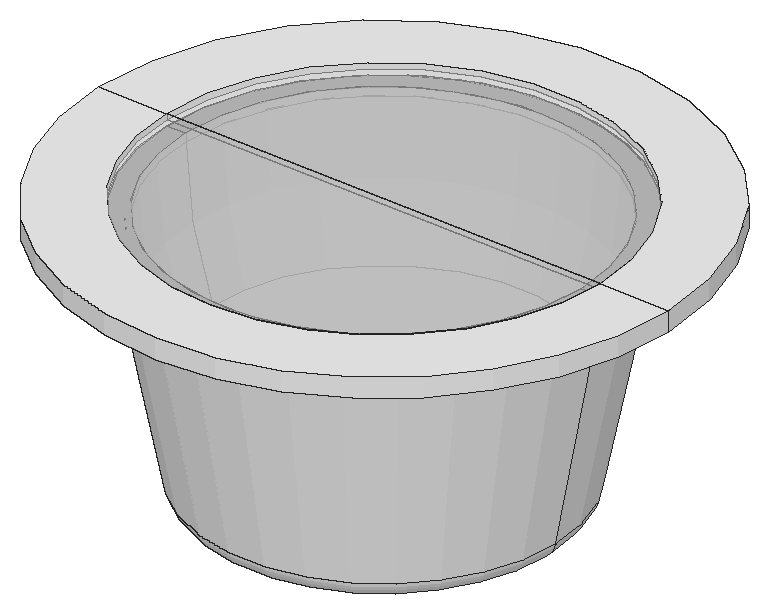
Revit family "2060571+2039013 Sylvania Lighting Fixture ASCENT 100 II ARCH 3600 3K STD EMG 160 with IP54 PC Cover", category Lighting Fixtures, host Face, Revit 2016
Family settings
  Host = Face
  Part Type = Normal
  Round Connector Dimension = Use Diameter
  OmniClass Number = 23.80.70.11.17
  OmniClass Title = Specialized Lighting by Location or Use
  Cut with Voids When Loaded = No
  Light Source = Yes
  Shared = No
  Room Calculation Point = No
Parameters (values of type "2060571+2039013 ASCT100 II ARCH 3600 3K STD EMG 160 with IP54 PC Cover")
  WidthBezelAcc_SYL = 25.0 mm
  Weight = "1.92 kg"
  Wattage = 32 W
  WarrantyStartDate [instance] = "n/a"
  WarrantyGuarantorParts = "n/a"
  WarrantyDurationUnit = "n/a"
  WarrantyDurationParts = "n/a"
  WarrantyDescription = "n/a"
  built-in parameter 1150110 = 1 (stored number, unit not read)
  Voltage = 0 V
  VisibilityAccessory_SYL = yes
  TypeName = "ASCENT 100 II ARCH 3600 3K STD EMG 160 with IP54 PC Cover"
  built-in parameter 1114217 = 1 (stored number, unit not read)
  Tilt Angle = -90°
  built-in parameter 1150109 = 1 (stored number, unit not read)
  built-in parameter 1150134 = (empty or 0)
  built-in parameter 1150113 = 1 (stored number, unit not read)
  SerialNumber [instance] = "n/a"
  ReflectorRadius_SYL = Radius_SYL - 14.5 mm  # 80.0 mm
  RadiusAcc_SYL = 105.0 mm
  Radius_SYL = 94.5 mm
  URL = "http://www.sylvania-lighting.com"
  PowerFactor = 0
  PowerConsumption = "32 W"
  Photometric Web File = "2060571.ies"
  NominalWidth = 0.0 mm
  NominalLength = 0.0 mm
  NominalHeight = 94.0 mm
  Name = "ASCENT 100 II ARCH 3600 3K STD EMG 160 with IP54 PC Cover"
  ModelReference = "ASCENT 100 II ARCH 3600 3K STD EMG 160 with IP54 PC Cover"
  ModelNumber = "2060571+2039013"
  Material_4_SYL = none
  Material_3_SYL = Polycarbonate_Sylvania_Ascent_Clear
  Material_2_SYL = Aluminium_Sylvania_Ascent_Silver
  Material_1_SYL = Aluminum_Sylvania_Ascent_White
  Material = "aluminium housing, arcylic diffuser"
  ManufacturerName = "Feilo Sylvania"
  LuminousEfficacy = "111 lm/W"
  built-in parameter 1150105 = 282.66 (stored number, unit not read)
  Lumens = 3552 lm
  LuminaireType = ""
  built-in parameter 1150115 = 1 (stored number, unit not read)
  LightOutputRatio = "100"
  built-in parameter 1150137 = (empty or 0)
  built-in parameter 1150139 = (empty or 0)
  LampsType = Lamp  # "LED"
  LampNominalLuminous = "3548 lm"
  LampMacAdamStep = "3"
  LampColourTemperature = "3000 K"
  LampColourRenderingIndex = "80"
  built-in parameter 1150112 = 1 (stored number, unit not read)
  built-in parameter 1150114 = 1 (stored number, unit not read)
  Keynote = "16500"
  InstallationDate [instance] = "n/a"
  InputVoltage = "n/a"
  InputNominalFrequency = "n/a"
  built-in parameter 1150132 = (empty or 0)
  built-in parameter 1150102 = (empty or 0)
  built-in parameter 1150107 = 3000 (stored number, unit not read)
  built-in parameter 1150138 = (empty or 0)
  IngressProtection = "IP54"
  ImpactProtectionIndex = "IK02"
  built-in parameter 1150106 = 2.8266 (stored number, unit not read)
  IfcExportType = "IfcLightFixtureType"
  IfcExportAs = "IfcLightFixtureType"
  Height_SYL = 94.0 mm
  HeightAcc_SYL = 7.0 mm
  ExpectedLife = 50000
  EmittionSurface_SYL = if(VisibilityAccessory_SYL, 7.0 mm, 3.0 mm)  # 7.0 mm
  Emit from Circle Diameter = DiffuserRadius_SYL * 2  # 146.0 mm
  Emit Shape Visible in Rendering = no
  ElectricShockClassification = "Class II"
  built-in parameter 1150104 = 10.312 (stored number, unit not read)
  DurationUnit = "hours"
  DocumentationLiterature = "http://www.sylvania-lighting.com/product/en-int/products/2060571"
  DimmingControlOptions = "n/a"
  Dimming Lamp Color Temperature Shift = <None>
  DiffuserRadius_SYL = ReflectorRadius_SYL - 7.0 mm  # 73.0 mm
  Diameter_SYL = 2 * Radius_SYL  # 189.0 mm
  CutoutDiameter_SYL = Diameter_SYL - 13.0 mm  # 176.0 mm
  CreatedOn = "9/17/2018"
  CreatedBy = "@sylvania-lighting.com"
  Color Filter = 16777215
  built-in parameter 1114216 [instance] = 1 (stored number, unit not read)
  Model = "ASCENT 100 II ARCH 3600 3K STD EMG 160 with IP54 PC Cover"
  Manufacturer = "Feilo Sylvania"
  Lamp = "LED"
  Description = "Direct LED retro fit for original LED 100 Arch (160) single CFL lamp offering Matching lumen levels and improved light distribution of original LED 100 CFL lamp equivalents Typically half the power consumption compared to CFL Up to 112lm/W 160mm aperture Architectural reflector accepts range of glass accessories from existing LED 100 Arch 160 offering HE, HO and VHO versions equivalent of single 1 x 18W, 1 x 32W, 1 x 42W\r\n Additional VVHO versions which offer the performance circa 2 x 32W equivalent"  # constant formula
  Default Elevation = 0.0 mm
  built-in parameter 1140040 [instance] = 1
  BarCode [instance] = "n/a"
  built-in parameter 1114218 = 1 (stored number, unit not read)
  built-in parameter 1150133 = 10 (stored number, unit not read)
  AssetType = "Fixed"
  AssetIdentifier [instance] = "n/a"
  Assembly Code = "D5020200"
  Apparent Load = 32 VA
  Aperture_SYL = 2 * ReflectorRadius_SYL  # 160.0 mm
Types (2, lengths in mm): name | Wattage | TypeName | Photometric Web File | Name | ModelReference | built-in parameter 1150105 | Lumens | built-in parameter 1150106 | Model | Apparent Load
  2060571+2039013 ASCT100 II ARCH 3600 3K STD EMG 160 with IP54 PC Cover | 32 W | "ASCENT 100 II ARCH 3600 3K STD EMG 160 with IP54 PC Cover" | "2060571.ies" | "ASCENT 100 II ARCH 3600 3K STD EMG 160 with IP54 PC Cover" | "ASCENT 100 II ARCH 3600 3K STD EMG 160 with IP54 PC Cover" | 282.66 (stored number, unit not read) | 3552 lm | 2.8266 (stored number, unit not read) | "ASCENT 100 II ARCH 3600 3K STD EMG 160 with IP54 PC Cover" | 32 VA
  2060571+2039013 ASCT100 II ARCH 3600 3K STD EMG 160 with IP54 PC Cover Emergency mode | 1.61261 W | "ASCT100 II ARCH 3600 3K STD EMG 160 with IP54 PC Cover Emergency mode" | "2060571EM.ies" | "ASCT100 II ARCH 3600 3K STD EMG 160 with IP54 PC Cover Emergency mode" | "ASCT100 II ARCH 3600 3K STD EMG 160 with IP54 PC Cover Emergency mode" | 14.244 (stored number, unit not read) | 179 lm | 0.14244 (stored number, unit not read) | "ASCT100 II ARCH 3600 3K STD EMG 160 with IP54 PC Cover Emergency mode" | 1.61261 VA
Reference planes
  plane 1 "Center (Front/Back)": y = 0
  plane 2: z = 0
  plane 3 "Center (Left/Right)": x = 0
  plane 4 "Fixture Bottom": z = 3
  plane 5: z = -52.5
  plane 6 "Fixture Top": z = -91
  plane 7: x = -105
  plane 8: z = 7
  plane 9: x = -80
  plane 10: z = 5
  plane 11: x = -103
Forms (mm)
  Extrusion 1, solid, material "Aluminum_Sylvania_Ascent_White", detail levels fine
    sketch origin (0, 0, 0) x (1, 0, 0) y (0, 1, 0)
      loop
        circle (0, 0) r 94.5
      loop
        circle (0, 0) r 80
    from 0 to 3
  Extrusion 2, void
    sketch origin (0, 0, 0) x (1, 0, 0) y (0, 1, 0)
      loop
        circle (0, 0) r 88
    from -91 to 3
  Revolve 3, solid, material "Aluminum_Sylvania_Ascent_White" <- "Material_1_SYL", detail levels fine
    sketch origin (0, 0, 0) x (1, 0, 0) y (0, 0, 1)
      loop
        line (0, -91.073) -> (0, -89.023) -> (-55.468, -89.014)
        arc (-55.468, -89.014) -> (-59.352, -87.613) -> (-61.54, -84.139) r 6.307
        line (-61.54, -84.139) -> (-77.991, -2.844) -> (-77.991, 0) -> (-80, 0) -> (-80, -3) -> (-63.5, -84.536)
        arc (-63.5, -84.536) -> (-60.643, -89.203) -> (-55.5, -91.073) r 8.291
        line (-55.5, -91.073) -> (0, -91.073)
      axis (0, 0) -> (0, -91.073)
    angle from 0 to 360
  Revolve 4, solid, material "Aluminium_Sylvania_Ascent_Silver" <- "Material_2_SYL", detail levels fine
    sketch origin (0, 0, 0) x (1, 0, 0) y (0, 0, 1)
      loop
        line (-80, 3) -> (-80, 0) -> (-75, 0)
        arc (-75, 0) -> (-72.349, -26.77) -> (-64.5, -52.5) r 136.5
        line (-64.5, -52.5) -> (-58, -52.5)
        arc (-58, -52.5) -> (-56.857, -61.521) -> (-53.5, -69.971) r 36.166
        line (-53.5, -69.971) -> (0, -69.971) -> (0, -50.5) -> (-63.16, -50.5)
        arc (-63.16, -50.5) -> (-70.517, -25.725) -> (-73, 0) r 134.5
        line (-73, 0) -> (-73, 3) -> (-80, 3)
      axis (0, 3) -> (0, -69.971)
    angle from 0 to 360
  Extrusion 5, solid, material "Polycarbonate_Sylvania_Ascent_Clear" <- "Material_3_SYL", detail levels fine
    sketch origin (0, 0, 0) x (1, 0, 0) y (0, 1, 0)
      loop
        circle (0, 0) r 73
    from 0 to 3
  Revolve 6, solid, material "Aluminum_Sylvania_Ascent_White" <- "Material_1_SYL", detail levels coarse+medium
    sketch origin (0, 0, 0) x (1, 0, 0) y (0, 0, 1)
      loop
        line (0, -91.073) -> (0, 3) -> (-94.5, 3) -> (-94.5, 0) -> (-79.5, 0) -> (-79.5, -3) -> (-63, -84.536)
        arc (-63, -84.536) -> (-60.143, -89.203) -> (-55, -91.073) r 8.291
        line (-55, -91.073) -> (0, -91.073)
      axis (0, 3) -> (0, -91.073)
    angle from 0 to 360
  Revolve 7, solid, material "Aluminum_Sylvania_Ascent_White" <- "Material_1_SYL", visible <- "VisibilityAccessory_SYL"
    sketch origin (0, 0, 0) x (1, 0, 0) y (0, 0, 1)
      loop
        line (-105, 0) -> (-103, 0) -> (-103, 5) -> (-80, 5) -> (-80, 7) -> (-105, 7) -> (-105, 0)
      axis (0, 7) -> (0, 0)
    angle from 0 to 360
  Revolve 8, solid, material "Polycarbonate_Sylvania_Ascent_Clear" <- "Material_3_SYL", visible <- "VisibilityAccessory_SYL"
    sketch origin (0, 0, 0) x (1, 0, 0) y (0, 0, 1)
      loop
        line (-80, 7) -> (-80, 5) -> (0, 5) -> (0, 7) -> (-80, 7)
      axis (0, 7) -> (0, 5)
    angle from 0 to 360
Lines and regions (mm)
  reference lines
    curve 1: line (-150, 0, 7) -> (125, 0, 7)
Dimensions and locks
  locked: plane 4 "Fixture Bottom" to plane 2 at 3
  "Height_SYL": plane 4 "Fixture Bottom" to plane 6 "Fixture Top"
  "ReflectorRadius_SYL": plane 3 "Center (Left/Right)" to Revolve 4 sketch curve
  locked: Revolve 4 sketch curve to Revolve 4 sketch curve at 15.5
  locked: Revolve 4 sketch curve to Revolve 4 sketch curve at 5
  locked: Revolve 4 sketch curve to Revolve 4 sketch curve at 7
  locked: Revolve 4 sketch curve to Revolve 4 sketch curve at 22
  locked: Revolve 4 sketch curve to Revolve 4 sketch curve at 26.5
  locked: Revolve 3 sketch curve to Revolve 3 sketch curve at 16.5
  locked: Revolve 3 sketch curve to Revolve 3 sketch curve at 24.5
  "ReflectorRadius_SYL": Revolve 3 sketch curve to plane 3 "Center (Left/Right)"
  locked: Revolve 3 sketch curve to plane 6 "Fixture Top" at 6.464
  locked: plane 2 to Revolve 3 sketch curve at 3
  locked: Revolve 3 sketch curve to Revolve 3 sketch curve at 2
  locked: Revolve 3 sketch curve to Revolve 3 sketch curve at 2.009
  locked: plane 2 to plane 5 at 52.5
  locked: Revolve 6 sketch curve to Revolve 6 sketch curve at 31.5
  locked: Revolve 6 sketch curve to Revolve 6 sketch curve at 39.5
  locked: Revolve 6 sketch curve to Revolve 6 sketch curve at 15
  "Radius_SYL": plane 3 "Center (Left/Right)" to Revolve 6 sketch curve
  "RadiusAcc_SYL": plane 3 "Center (Left/Right)" to plane 7
  "HeightAcc_SYL": plane 8 to level
  "WidthBezelAcc_SYL": plane 7 to plane 9
  locked: plane 7 to plane 11 at 2
  locked: plane 8 to plane 10 at 2
  "EmittionSurface_SYL": curve 1 to level
  "CutoutDiameter_SYL": diameter of Extrusion 2 sketch curve
  "ReflectorRadius_SYL": radius of Extrusion 1 sketch curve
  "DiffuserRadius_SYL": radius of Extrusion 5 sketch curve
  "Radius_SYL": radius of Extrusion 1 sketch curve
  aligned and locked: host face to plane 2
  aligned and locked: host face to level
  aligned and locked: plane 4 "Fixture Bottom" to Extrusion 1
  aligned and locked: Extrusion 1 to plane 2
  aligned and locked: Revolve 3 sketch curve to plane 3 "Center (Left/Right)"
  aligned and locked: Revolve 4 sketch curve to plane 3 "Center (Left/Right)"  (x2)
  aligned and locked: plane 4 "Fixture Bottom" to Revolve 4 sketch curve
  aligned and locked: Extrusion 5 to plane 2
  aligned and locked: plane 2 to Revolve 3 sketch curve  (x2)
  aligned and locked: Revolve 6 sketch curve to plane 3 "Center (Left/Right)"
  aligned and locked: plane 6 "Fixture Top" to Extrusion 2
  aligned and locked: Revolve 7 sketch curve to plane 3 "Center (Left/Right)"
  aligned and locked: host face to Revolve 7 sketch curve  (x2)
  aligned and locked: Revolve 7 sketch curve to plane 7
  aligned and locked: plane 8 to Revolve 7 sketch curve
  aligned and locked: plane 9 to Revolve 7 sketch curve
  aligned and locked: Revolve 7 sketch curve to plane 10
  aligned and locked: plane 11 to Revolve 7 sketch curve
  aligned and locked: Revolve 7 to Revolve 8 sketch curve
  aligned and locked: Revolve 8 sketch curve to Revolve 7  (x2)
  aligned and locked: Revolve 8 sketch curve to plane 3 "Center (Left/Right)"  (x2)
  aligned and locked: plane 3 "Center (Left/Right)" to imposter light
  aligned and locked: imposter light to plane 1 "Center (Front/Back)"
  aligned and locked: imposter light to curve 1
Automatic sketch dimensions
  plane 1 "Center (Front/Back)" to Extrusion 2 sketch curve = 0.0 mm
  Extrusion 2 sketch curve to plane 3 "Center (Left/Right)" = 0.0 mm
  Extrusion 1 sketch curve to Extrusion 1 sketch curve = 0.0 mm  (x2)
  plane 1 "Center (Front/Back)" to Extrusion 1 sketch curve = 0.0 mm
  Extrusion 1 sketch curve to plane 3 "Center (Left/Right)" = 0.0 mm
  plane 6 "Fixture Top" to Revolve 3 sketch curve = 0.073 mm
  Revolve 3 sketch curve to plane 6 "Fixture Top" = 6.861 mm
  Revolve 3 sketch curve to Revolve 3 sketch curve = 0.003 mm
  Revolve 3 sketch curve to Revolve 3 sketch curve = 0.009 mm  (x2)
  Revolve 3 sketch curve to Revolve 3 sketch curve = 0.023 mm
  Revolve 3 sketch curve to Revolve 3 sketch curve = 0.072 mm
  Revolve 3 sketch curve to Revolve 3 sketch curve = 0.008 mm
  Revolve 3 sketch curve to plane 6 "Fixture Top" = 1.977 mm
  Revolve 3 sketch curve to Revolve 3 sketch curve = 33.496 mm
  Revolve 3 sketch curve to Revolve 3 sketch curve = 0.028 mm
  plane 4 "Fixture Bottom" to Revolve 3 sketch curve = 82.431 mm
  Revolve 4 sketch curve to Revolve 4 sketch curve = 0.0 mm  (x2)
  Revolve 4 sketch curve to plane 5 = 0.0 mm
  Revolve 4 sketch curve to level = 0.0 mm
  plane 5 to Revolve 4 sketch curve = 2.0 mm
  plane 4 "Fixture Bottom" to Revolve 4 sketch curve = 9.642 mm
  plane 1 "Center (Front/Back)" to Extrusion 5 sketch curve = 0.0 mm
  Extrusion 5 sketch curve to plane 3 "Center (Left/Right)" = 0.0 mm
  Revolve 4 sketch curve to level = 69.971 mm
  Revolve 4 sketch curve to Revolve 4 sketch curve = 2.387 mm
  Revolve 6 sketch curve to level = 0.0 mm
  Revolve 6 sketch curve to plane 3 "Center (Left/Right)" = 0.0 mm
  Revolve 6 sketch curve to Revolve 6 sketch curve = 8.104 mm
  Revolve 6 sketch curve to level = 3.0 mm
  Revolve 6 sketch curve to plane 6 "Fixture Top" = 6.464 mm
  plane 6 "Fixture Top" to Revolve 6 sketch curve = 0.073 mm
  Revolve 6 sketch curve to Revolve 6 sketch curve = 33.496 mm
  plane 4 "Fixture Bottom" to Revolve 6 sketch curve = 82.431 mm
  host sketch curve to host sketch curve = 1704.996 mm
  host sketch curve to host sketch curve = 1500.0 mm
  plane 6 "Fixture Top" to Revolve 7 sketch curve = 281.274 mm
  Revolve 7 sketch curve to plane 8 = 1140.706 mm
  plane 6 "Fixture Top" to Revolve 8 sketch curve = 281.274 mm
  Revolve 8 sketch curve to Revolve 8 sketch curve = 1140.706 mm
  Revolve 3 sketch curve to plane 3 "Center (Left/Right)" = 0.0 mm
  Revolve 6 sketch curve to plane 4 "Fixture Bottom" = 0.0 mm
  plane 7 to curve 1 = 45.0 mm
  plane 3 "Center (Left/Right)" to curve 1 = 125.0 mm
Connectors
  electrical at (0, 0, -91.073), driven by "Apparent Load"
    settings: on Revolve 3, index 1, voltage 240 V, apparent load 0 VA, apparent load phase1 32 VA, apparent load phase2 0 VA, apparent load phase3 0 VA, power factor 1, load classification "Lighting", number of poles 1, system type 31, power factor state 1, is connector primary yes, connector utility no, sub classification motor no, connector description ""
